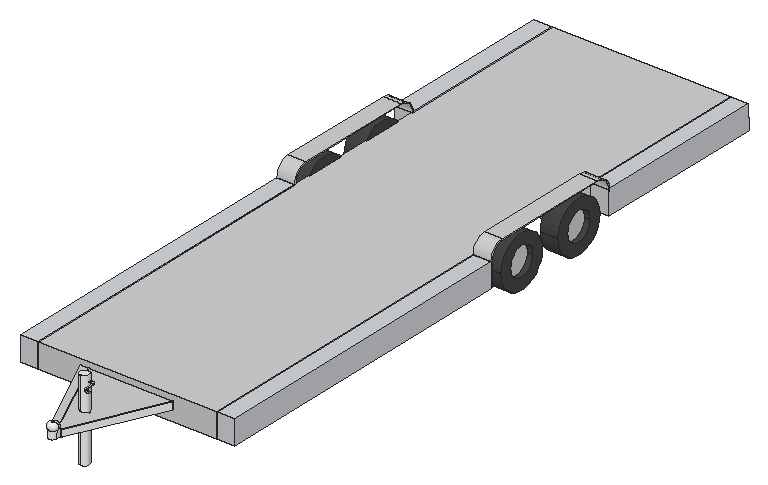
Revit family "flatbed_trailer_tiny_house (Competition Specified)", category Site, Revit 2019
Family settings
  Round Connector Dimension = Use Diameter
  Part Type = Normal
  Work Plane-Based = No
  Always vertical = No
  Cut with Voids When Loaded = No
  Shared = No
Parameters (values of type "Horse Trailer")
  Tires = Rubber - Black
  Material = Metal - Paint Finish - Blue, Sky
  Assembly Code = ""
Reference planes (in)
  plane 1 "Center (Front/Back)": x = 1.26923
  plane 2: z = 0
  plane 3 "Center (Left/Right)": y = -1.26923
  plane 4: y = 118.73077
  plane 5 "3": y = -77.26923
  plane 6 "1": x = -17.23503
  plane 7 "2": x = 20.48331
  plane 8: z = 24.54164
  plane 9: x = -17.76535
  plane 10: x = 20.16549
  plane 11: x = 49.26923
  plane 12: x = -46.73077
  plane 13: z = 16.54297
  plane 14: y = 73.73124
Forms (in)
  Extrusion 1, solid, material "Metal - Steel"
    sketch origin (1.26923, -216.00099, 24) x (0, -1, 0) y (0, 0, 1)
      loop
        line (-384.73077, -10.76049) -> (-306.81671, -10.76049) -> (-306.81671, -0.53906) -> (-240.89774, -0.53906) -> (-240.89774, -10.76049) -> (-96.73176, -10.76049) -> (-96.73176, 0.04164) -> (-384.73077, 0.04164) -> (-384.73077, -10.76049)
    from 40 to -40
  Extrusion 2, solid, material "Rubber - Black" <- "Tires"
    sketch origin (-19.73077, -45, 42.54297) x (0, -1, 0) y (0, 0, 1)
      loop
        circle (-118.73124, -26) r 11.5
      loop
        circle (-86.73124, -26) r 11.5
      loop
        circle (-86.73124, -26) r 6.5
      loop
        circle (-118.73124, -26) r 6.5
    from 19 to 27
  Sweep 3, solid, material "Metal - Hitch"
    path origin (225, 179.55757, 0) x (1, 0, 0) y (0, 1, 0)
      loop
        line (-204.83451, -274.78817) -> (-204.83451, -298.78817) -> (-222.15409, -337.14337) -> (-225.44577, -337.14337) -> (-242.76535, -298.78817) -> (-242.76535, -274.78817)
    profile origin (-49.96511, -110.65058, 0) x (0.911389, -0.411545, 0) y (0, 0, 1)
      loop
        line (68.94736, 18.24493) -> (68.94736, 21.24493) -> (65.94736, 21.24493) -> (65.94736, 18.24493) -> (68.94736, 18.24493)
  Extrusion 4, solid, material "Rubber - Black" <- "Tires"
    sketch origin (22.26923, -45, 42.54297) x (0, -1, 0) y (0, 0, -1)
      loop
        circle (-118.73124, 26) r 11.5
      loop
        circle (-86.73124, 26) r 11.5
      loop
        circle (-86.73124, 26) r 6.5
      loop
        circle (-118.73124, 26) r 6.5
    from 19 to 27
  Extrusion 5, solid, material "Metal - Steel"
    sketch origin (-17.94485, 219, 2.54297) x (0, 1, 0) y (0, 0, -1)
      loop
        circle (-145.26876, -14) r 9
      loop
        circle (-177.26876, -14) r 9
    from -64.24679 to -59.21408
  Extrusion 6, solid, material "Metal - Steel"
    sketch origin (20.48331, 219, 2.54297) x (0, 1, 0) y (0, 0, 1)
      loop
        circle (-145.26876, 14) r 9
      loop
        circle (-177.26876, 14) r 9
    from -64.24679 to -59.21408
  Sweep 7, solid, material "Metal - Hitch"
    path origin (0, -43.67318, 0) x (1, 0, 0) y (0, 1, 0)
      loop
        circle (1.20007, -117.0858) r 3
    profile origin (1.20007, -157.75898, 0) x (0, -1, 0) y (0, 0, 1)
      loop
        line (2.82682, 23.80219) -> (2.82682, 24.05219) -> (2.25, 24.05219)
        arc (2.25, 24.05219) -> (0.83166, 23.04036) -> (1.32682, 21.36993) r 1.5
        line (1.32682, 21.36993) -> (1.32682, 21.24493) -> (1.57682, 21.24493) -> (1.57682, 21.49894)
        arc (1.57682, 21.49894) -> (1.0502, 22.90286) -> (2.25, 23.80219) r 1.25
        line (2.25, 23.80219) -> (2.82682, 23.80219)
  Sweep 8, solid, material "Metal - Hitch"
    path origin (0, -42, 0) x (1, 0, 0) y (0, 1, 0)
      loop
        arc (-1.41427, -117.0858) -> (-1.23749, -117.15902) -> (-1.16427, -117.3358) r 0.25
        line (-1.16427, -117.3358) -> (-1.16427, -118.93215)
        arc (-1.16427, -118.93215) -> (1.20007, -121.29649) -> (3.56441, -118.93215) r 2.36434
        line (3.56441, -118.93215) -> (3.56441, -117.3358)
        arc (3.56441, -117.3358) -> (3.63764, -117.15902) -> (3.81441, -117.0858) r 0.25
    profile origin (-1.16427, -160.13398, 0) x (1, 0, 0) y (0, 0, 1)
      loop
        line (0.94116, 21.23951) -> (0.44116, 21.23951) -> (0.44116, 18.24493) -> (0.94116, 18.24493) -> (0.94116, 21.23951)
  Extrusion 9, solid, material "Metal - Steel"
    sketch origin (0, -42, 0) x (1, 0, 0) y (0, 1, 0)
      loop
        line (-19.39374, -77.26923) -> (-1.41427, -117.0858) -> (3.81441, -117.0858) -> (21.79389, -77.26923) -> (-19.39374, -77.26923)
    from 21.25 to 21.5
  Sweep 10, solid
    path origin (0, 0, 0) x (1, 0, 0) y (0, 1, 0)
      loop
        line (-38.73077, 73.73124) -> (41.26923, 73.73124)
    profile origin (1.26923, 73.73124, 0) x (0, 1, 0) y (0, 0, 1)
      loop
        circle (0, 16.54297) r 2
  Sweep 11, solid
    path origin (0, 0, 0) x (1, 0, 0) y (0, 1, 0)
      loop
        line (-38.73077, 41.73124) -> (41.26923, 41.73124)
    profile origin (1.26923, 41.73124, 0) x (0, 1, 0) y (0, 0, 1)
      loop
        circle (0, 16.54297) r 2
  Sweep 12, solid, material "Metal - Steel"
    path origin (-46.73077, 0, -25.23077) x (0, 0, -1) y (0, 1, 0)
      loop
        line (-38.73077, 90.56572) -> (-49.23077, 90.56572)
        arc (-49.23077, 90.56572) -> (-53.47341, 88.80836) -> (-55.23077, 84.56572) r 6
        line (-55.23077, 84.56572) -> (-55.23077, 30.89675)
        arc (-55.23077, 30.89675) -> (-53.47341, 26.65411) -> (-49.23077, 24.89675) r 6
        line (-49.23077, 24.89675) -> (-38.73077, 24.89675)
    profile origin (-46.73077, 90.56572, 18.75) x (0, -1, 0) y (1, 0, 0)
      loop
        line (0, 0) -> (0, 8) -> (-0.25, 8) -> (-0.25, 0) -> (0, 0)
  Sweep 13, solid, material "Metal - Steel"
    path origin (49.26923, 0, -25.23077) x (0, 0, -1) y (0, -1, 0)
      loop
        line (-38.73077, -90.56572) -> (-49.23077, -90.56572)
        arc (-49.23077, -90.56572) -> (-53.47341, -88.80836) -> (-55.23077, -84.56572) r 6
        line (-55.23077, -84.56572) -> (-55.23077, -30.89675)
        arc (-55.23077, -30.89675) -> (-53.47341, -26.65411) -> (-49.23077, -24.89675) r 6
        line (-49.23077, -24.89675) -> (-38.73077, -24.89675)
    profile origin (49.26923, 90.56572, 18.75) x (0, 1, 0) y (-1, 0, 0)
      loop
        line (0, 0) -> (0.25, 0) -> (0.25, 8) -> (0, 8) -> (0, 0)
  Sweep 14, solid, material "Metal - Hitch"
    path origin (1.26923, -22, 162.39297) x (0, 0, 1) y (0, 1, 0)
      loop
        line (-162.39297, -121.19067) -> (-126.39297, -121.19067)
    profile origin (1.26923, -143.19067, 18) x (0, 1, 0) y (-1, 0, 0)
      loop
        circle (0, 0) r 2
  Sweep 15, solid, material "Metal - Hitch"
    path origin (0, -48, 0) x (1, 0, 0) y (0, 1, 0)
      loop
        line (3.26923, -95.19067) -> (4.76923, -95.19067)
        arc (4.76923, -95.19067) -> (5.47634, -95.48357) -> (5.76923, -96.19067) r 1
        line (5.76923, -96.19067) -> (5.76923, -100.19067)
        arc (5.76923, -100.19067) -> (6.06212, -100.89778) -> (6.76923, -101.19067) r 1
        line (6.76923, -101.19067) -> (8.26923, -101.19067)
    profile origin (4.01923, -143.19067, 0) x (0, 1, 0) y (0, 0, 1)
      loop
        circle (0, 33.5) r 0.25
  Extrusion 16, solid
    sketch origin (0, -77.26923, 0) x (0, 0, -1) y (-1, 0, 0)
      loop
        line (-13.23951, 38.73077) -> (-13.23951, 46.73077) -> (-24, 46.73077) -> (-24, 38.73077) -> (-13.23951, 38.73077)
    from -42 to 101.91598
  Extrusion 17, solid
    sketch origin (244.45757, -77.18521, -121.52981) x (0, 0, -1) y (-1, 0, 0)
      loop
        line (-134.76932, 283.18834) -> (-134.76932, 291.18834) -> (-145.57145, 291.18834) -> (-145.57145, 283.18834) -> (-134.76932, 283.18834)
    from 168.00093 to 245.915
  Extrusion 18, solid
    sketch origin (2.53846, -77.26923, 0) x (0, 0, -1) y (-1, 0, 0)
      loop
        line (-13.23951, -38.73077) -> (-24, -38.73077) -> (-24, -46.73077) -> (-13.23951, -46.73077) -> (-13.23951, -38.73077)
    from -42 to 101.91598
  Extrusion 19, solid
    sketch origin (-241.91911, -77.18521, -121.52981) x (0, 0, -1) y (-1, 0, 0)
      loop
        line (-134.76932, -283.18834) -> (-145.57145, -283.18834) -> (-145.57145, -291.18834) -> (-134.76932, -291.18834) -> (-134.76932, -283.18834)
    from 168.00093 to 245.915
Lines and regions (in)
  reference lines
    curve 1: line (-38.73077, 168.72978, 0) -> (-38.73077, -119.26923, 0)
    curve 2: line (-38.73077, -119.26923, 0) -> (41.26923, -119.26923, 0)
    curve 3: line (41.26923, -119.26923, 0) -> (41.26923, 168.72978, 0)
Dimensions and locks (in)
  Extrusion 16 sketch curve to Extrusion 16 sketch curve = 0' - 8"
  Extrusion 17 sketch curve to Extrusion 17 sketch curve = 0' - 8"
  Extrusion 18 sketch curve to Extrusion 18 sketch curve = 0' - 8"
  Extrusion 19 sketch curve to Extrusion 19 sketch curve = 0' - 8"
